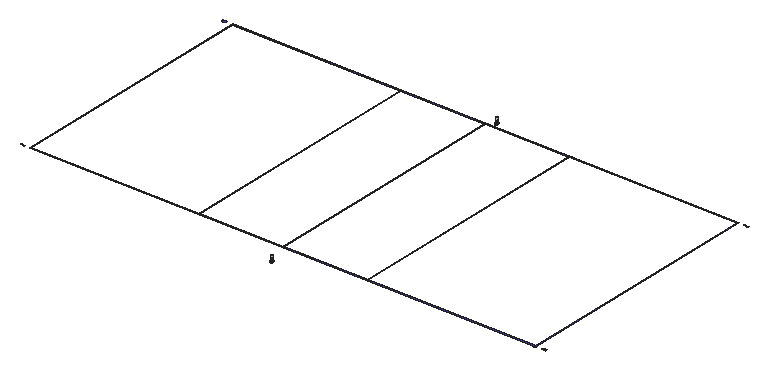
Revit family "Volleyball övning Linjering", category Generic Models, Revit 2019
Family settings
  Can host rebar = No
  Round Connector Dimension = Use Diameter
  Part Type = Normal
  Work Plane-Based = No
  Always vertical = Yes
  Cut with Voids When Loaded = No
  Shared = No
  Room Calculation Point = No
Parameters
  URL = "www.saxi.se"
  Model = "Linjering Volleyball övning"
  Manufacturer = "Saxi Vägg AB"
Reference planes
  plane 1 "Center (Front/Back)": y = 0
  plane 2: z = 0
  plane 3 "Center (Left/Right)": x = 0
Forms (mm)
  Extrusion 1, solid, material "volleyball_linjering"
    sketch origin (0, 0, 0) x (1, 0, 0) y (0, 1, 0)
      loop
        line (-8990, 4500) -> (-8990, -4500) -> (9010, -4500) -> (9010, 4500) -> (-8990, 4500)
      loop
        line (8990, -4480) -> (8990, 4480) -> (3010, 4480) -> (3010, -4480) -> (8990, -4480)
      loop
        line (2990, 4480) -> (20, 4480) -> (20, -4480) -> (2990, -4480) -> (2990, 4480)
      loop
        line (0, -4480) -> (0, 4480) -> (-2970, 4480) -> (-2970, -4480) -> (0, -4480)
      loop
        line (-2990, 4480) -> (-8970, 4480) -> (-8970, -4480) -> (-2990, -4480) -> (-2990, 4480)
      loop
        line (-9190, -4500) -> (-9190, -4480) -> (-9340, -4480) -> (-9340, -4500) -> (-9190, -4500)
      loop
        line (-9340, 4500) -> (-9340, 4480) -> (-9190, 4480) -> (-9190, 4500) -> (-9340, 4500)
      loop
        line (9210, 4480) -> (9360, 4480) -> (9360, 4500) -> (9210, 4500) -> (9210, 4480)
      loop
        line (9210, -4500) -> (9360, -4500) -> (9360, -4480) -> (9210, -4480) -> (9210, -4500)
    from 0 to 2
Dimensions and locks
  aligned and locked: level to plane 2
Nested families
  nested 1: "golvhylsa 66" at (10, -5000, -30), type "golvhylsa 66"
  nested 2: "golvhylsa 66" at (10, 5000, -30), type "golvhylsa 66"
  nested 3: "hole_110" at (10, -5000, 0), type "hole_110"
  nested 4: "hole_110" at (10, 5000, 0), type "hole_110"
Definition of nested family "golvhylsa 66"
  Parameters (values of type "golvhylsa 66")
    Model = "Golvhylsa 66mm"
    Manufacturer = "Saxi Vägg"
  Reference planes
    plane 1 "Center (Front/Back)": y = 0
    plane 2: z = 0
    plane 3 "Center (Left/Right)": x = 0
  Forms (mm)
    Extrusion 1, solid
      sketch origin (0, 0, 0) x (1, 0, 0) y (0, 1, 0)
        loop
          circle (0, 0) r 33
        loop
          circle (0, 0) r 38
      from -195 to 0
    Extrusion 2, solid
      sketch origin (0, 0, -195) x (0, 1, 0) y (1, 0, 0)
        loop
          circle (0, 0) r 52.5
      from 0 to 10
  Dimensions and locks
    aligned and locked: level to plane 2
